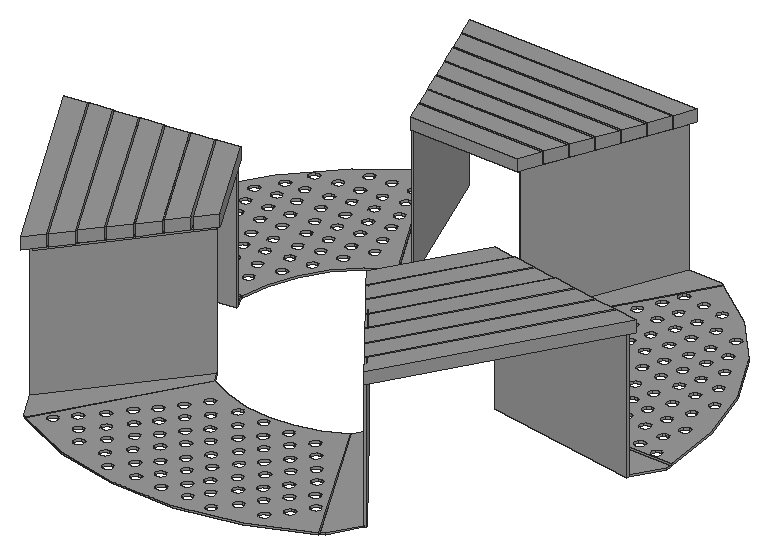
Revit family "Скамейка вокруг дерева «Эраунд 3» Арт 10537", category Антураж, Revit 2018
Family settings
  На основе рабочей плоскости = Нет
  Всегда вертикально = Да
  При загрузке вырезать с полостями = Нет
  Источник визуального образа = Геометрия семейства
  Общий = Нет
  Точка расчета площади = Нет
Parameters (values of type "Скамейка вокруг дерева «Эраунд 3»")
  Ширина = 1670 mm  # constant formula
  Цвет опоры = Сталь
  Цвет лавки = Дерево
  Описание = "Скамейка вокруг дерева «Эраунд 3»"  # constant formula
  Материал изделия = "Сталь, дерево"  # constant formula
  Изображение типоразмера = Скамейка вокруг дерева «Эраунд 3» Арт 10537.jpg
  Изготовитель = "ООО «Хоббика»"  # constant formula
  Длина = 1780 mm  # constant formula
  Группа модели = "Скамейки"  # constant formula
  Высота = 435 mm  # constant formula
  Артикул товара = "Арт. 10537"  # constant formula
  URL = "https://hobbyka.ru/product/skameyka_vokrug_dereva_eraund_3/"
Reference planes
  plane 1 "По центру (Вперед/Назад)": y = 0
  plane 2: z = 0
  plane 3 "По центру (Влево/Вправо)": x = 0
  plane 4: x = 1780
  plane 5: z = 435
  plane 6: y = 1670
Forms (mm)
  Extrusion 1, solid, material "Сталь" <- "Цвет опоры"
    sketch origin (0, 1850, 0) x (0, -1, 0) y (1, 0, 0)
      loop
        arc (208.054, 1333.96) -> (204.848, 1328.352) -> (201.682, 1322.722) r 891.421
        line (201.682, 1322.722) -> (201.682, 1225.213) -> (622.936, 1055.015) -> (622.936, 1092.784) -> (208.054, 1333.96)
      loop
        line (622.936, 687.216) -> (622.936, 724.985) -> (201.682, 554.787) -> (201.682, 457.278)
        arc (201.682, 457.278) -> (204.848, 451.648) -> (208.054, 446.04) r 891.421
        line (208.054, 446.04) -> (622.936, 687.216)
    from 0 to 5
  Extrusion 2, solid, material "Сталь" <- "Цвет опоры"
    sketch origin (0, 1850, 0) x (0, -1, 0) y (1, 0, 0)
      loop
        line (201.682, 1225.213) -> (199.809, 1220.577) -> (621.063, 1050.379) -> (622.936, 1055.015) -> (201.682, 1225.213)
      loop
        line (622.936, 724.985) -> (621.063, 729.621) -> (199.809, 559.423) -> (201.682, 554.787) -> (622.936, 724.985)
    from 0 to 400
  Extrusion 3, solid, material "Сталь" <- "Цвет опоры"
    sketch origin (0, 1850, 0) x (0, -1, 0) y (1, 0, 0)
      loop
        line (622.936, 1055.015) -> (201.682, 1225.213) -> (201.682, 554.787) -> (622.936, 724.985) -> (622.936, 1055.015)
    from 395 to 400
  Extrusion 4, solid, material "Дерево" <- "Цвет лавки"
    sketch origin (0, 1850, 0) x (0, -1, 0) y (1, 0, 0)
      loop
        line (630, 1052.161) -> (570, 1076.403) -> (570, 703.597) -> (630, 727.839) -> (630, 1052.161)
      loop
        line (180, 546.027) -> (240, 570.268) -> (240, 1209.732) -> (180, 1233.973) -> (180, 546.027)
      loop
        line (245, 1207.711) -> (245, 572.289) -> (305, 596.53) -> (305, 1183.47) -> (245, 1207.711)
      loop
        line (310, 1181.45) -> (310, 598.55) -> (370, 622.792) -> (370, 1157.208) -> (310, 1181.45)
      loop
        line (375, 1155.188) -> (375, 624.812) -> (435, 649.054) -> (435, 1130.946) -> (375, 1155.188)
      loop
        line (440, 1128.926) -> (440, 651.074) -> (500, 675.315) -> (500, 1104.685) -> (440, 1128.926)
      loop
        line (505, 1102.665) -> (505, 677.335) -> (565, 701.577) -> (565, 1078.423) -> (505, 1102.665)
    from 400 to 435
  Extrusion 5, solid, material "Сталь" <- "Цвет опоры"
    sketch origin (491.462, -390.668, 0) x (0.864539, 0.502566, 0) y (-0.502566, 0.864539, 0)
      loop
        line (220.82, 1355.401) -> (635.98, 1114.063)
        arc (635.98, 1114.063) -> (784.146, 1250.378) -> (979.253, 1300.052) r 411.353
        line (979.253, 1300.052) -> (979.253, 1780.101)
        arc (979.253, 1780.101) -> (544.762, 1666.461) -> (220.82, 1355.401) r 891.421
      loop
        circle (961.559, 1673.77) r 15
      loop
        circle (951.14, 1614.682) r 15
      loop
        circle (945.475, 1549.929) r 15
      loop
        circle (935.056, 1490.841) r 15
      loop
        circle (923.769, 1426.828) r 15
      loop
        circle (913.35, 1367.74) r 15
      loop
        circle (904.433, 1702.707) r 15
      loop
        circle (892.277, 1633.77) r 15
      loop
        circle (881.858, 1574.682) r 15
      loop
        circle (876.193, 1509.929) r 15
      loop
        circle (865.774, 1450.841) r 15
      loop
        circle (854.487, 1386.828) r 15
      loop
        circle (844.068, 1327.74) r 15
      loop
        circle (846.647, 1727.03) r 15
      loop
        circle (834.492, 1658.094) r 15
      loop
        circle (824.073, 1599.005) r 15
      loop
        circle (818.408, 1534.253) r 15
      loop
        circle (807.989, 1475.164) r 15
      loop
        circle (796.702, 1411.152) r 15
      loop
        circle (786.283, 1352.063) r 15
      loop
        circle (779.143, 1685.721) r 15
      loop
        circle (766.987, 1616.784) r 15
      loop
        circle (756.568, 1557.696) r 15
      loop
        circle (750.903, 1492.943) r 15
      loop
        circle (740.484, 1433.855) r 15
      loop
        circle (729.197, 1369.842) r 15
      loop
        circle (718.778, 1310.754) r 15
      loop
        circle (717.268, 1710.871) r 15
      loop
        circle (705.113, 1641.934) r 15
      loop
        circle (694.694, 1582.845) r 15
      loop
        circle (689.029, 1518.093) r 15
      loop
        circle (678.61, 1459.004) r 15
      loop
        circle (667.322, 1394.992) r 15
      loop
        circle (656.904, 1335.903) r 15
      loop
        circle (654.063, 1666.503) r 15
      loop
        circle (643.644, 1607.415) r 15
      loop
        circle (632.357, 1543.402) r 15
      loop
        circle (621.938, 1484.314) r 15
      loop
        circle (585.859, 1631.738) r 15
      loop
        circle (574.571, 1567.726) r 15
      loop
        circle (564.153, 1508.637) r 15
      loop
        circle (518.354, 1590.429) r 15
      loop
        circle (507.067, 1526.416) r 15
      loop
        circle (445.192, 1551.566) r 15
      loop
        circle (610.89, 1414.704) r 15
      loop
        circle (600.471, 1355.616) r 15
      loop
        circle (589.184, 1291.603) r 15
      loop
        circle (578.765, 1232.515) r 15
      loop
        circle (553.104, 1439.028) r 15
      loop
        circle (542.686, 1379.939) r 15
      loop
        circle (531.398, 1315.927) r 15
      loop
        circle (520.98, 1256.838) r 15
      loop
        circle (491.265, 1462.471) r 15
      loop
        circle (485.6, 1397.718) r 15
      loop
        circle (475.181, 1338.63) r 15
      loop
        circle (463.894, 1274.617) r 15
      loop
        circle (429.39, 1487.621) r 15
      loop
        circle (423.725, 1422.868) r 15
      loop
        circle (413.306, 1363.779) r 15
      loop
        circle (402.019, 1299.767) r 15
      loop
        circle (777.496, 1285.551) r 15
      loop
        circle (709.991, 1244.241) r 15
      loop
        circle (648.116, 1269.391) r 15
      loop
        circle (636.829, 1205.378) r 15
      loop
        circle (282.069, 1341.558) r 15
      loop
        circle (338.45, 1321.037) r 15
      loop
        circle (349.737, 1385.05) r 15
      loop
        circle (360.156, 1444.138) r 15
    from 0 to 5
  Extrusion 6, solid, material "Сталь" <- "Цвет опоры"
    sketch origin (2183.2, 1168.263, 0) x (-0.866025, 0.5, 0) y (-0.5, -0.866025, 0)
      loop
        arc (208.054, 1333.96) -> (204.848, 1328.352) -> (201.682, 1322.722) r 891.421
        line (201.682, 1322.722) -> (201.682, 1225.213) -> (622.936, 1055.015) -> (622.936, 1092.784) -> (208.054, 1333.96)
      loop
        line (622.936, 687.216) -> (622.936, 724.985) -> (201.682, 554.787) -> (201.682, 457.278)
        arc (201.682, 457.278) -> (204.848, 451.648) -> (208.054, 446.04) r 891.421
        line (208.054, 446.04) -> (622.936, 687.216)
    from 0 to 5
  Extrusion 7, solid, material "Сталь" <- "Цвет опоры"
    sketch origin (2183.2, 1168.263, 0) x (-0.866025, 0.5, 0) y (-0.5, -0.866025, 0)
      loop
        line (201.682, 1225.213) -> (199.809, 1220.577) -> (621.063, 1050.379) -> (622.936, 1055.015) -> (201.682, 1225.213)
      loop
        line (622.936, 724.985) -> (621.063, 729.621) -> (199.809, 559.423) -> (201.682, 554.787) -> (622.936, 724.985)
    from 0 to 400
  Extrusion 8, solid, material "Сталь" <- "Цвет опоры"
    sketch origin (2183.2, 1168.263, 0) x (-0.866025, 0.5, 0) y (-0.5, -0.866025, 0)
      loop
        line (622.936, 1055.015) -> (201.682, 1225.213) -> (201.682, 554.787) -> (622.936, 724.985) -> (622.936, 1055.015)
    from 395 to 400
  Extrusion 9, solid, material "Дерево" <- "Цвет лавки"
    sketch origin (2183.2, 1168.263, 0) x (-0.866025, 0.5, 0) y (-0.5, -0.866025, 0)
      loop
        line (630, 1052.161) -> (570, 1076.403) -> (570, 703.597) -> (630, 727.839) -> (630, 1052.161)
      loop
        line (180, 546.027) -> (240, 570.268) -> (240, 1209.732) -> (180, 1233.973) -> (180, 546.027)
      loop
        line (245, 1207.711) -> (245, 572.289) -> (305, 596.53) -> (305, 1183.47) -> (245, 1207.711)
      loop
        line (310, 1181.45) -> (310, 598.55) -> (370, 622.792) -> (370, 1157.208) -> (310, 1181.45)
      loop
        line (375, 1155.188) -> (375, 624.812) -> (435, 649.054) -> (435, 1130.946) -> (375, 1155.188)
      loop
        line (440, 1128.926) -> (440, 651.074) -> (500, 675.315) -> (500, 1104.685) -> (440, 1128.926)
      loop
        line (505, 1102.665) -> (505, 677.335) -> (565, 701.577) -> (565, 1078.423) -> (505, 1102.665)
    from 400 to 435
  Extrusion 10, solid, material "Сталь" <- "Цвет опоры"
    sketch origin (486.773, -373.263, 0) x (0.866025, 0.5, 0) y (-0.5, 0.866025, 0)
      loop
        arc (208.054, 1333.96) -> (204.848, 1328.352) -> (201.682, 1322.722) r 891.421
        line (201.682, 1322.722) -> (201.682, 1225.213) -> (622.936, 1055.015) -> (622.936, 1092.784) -> (208.054, 1333.96)
      loop
        line (622.936, 687.216) -> (622.936, 724.985) -> (201.682, 554.787) -> (201.682, 457.278)
        arc (201.682, 457.278) -> (204.848, 451.648) -> (208.054, 446.04) r 891.421
        line (208.054, 446.04) -> (622.936, 687.216)
    from 0 to 5
  Extrusion 11, solid, material "Сталь" <- "Цвет опоры"
    sketch origin (486.773, -373.263, 0) x (0.866025, 0.5, 0) y (-0.5, 0.866025, 0)
      loop
        line (201.682, 1225.213) -> (199.809, 1220.577) -> (621.063, 1050.379) -> (622.936, 1055.015) -> (201.682, 1225.213)
      loop
        line (622.936, 724.985) -> (621.063, 729.621) -> (199.809, 559.423) -> (201.682, 554.787) -> (622.936, 724.985)
    from 0 to 400
  Extrusion 12, solid, material "Сталь" <- "Цвет опоры"
    sketch origin (486.773, -373.263, 0) x (0.866025, 0.5, 0) y (-0.5, 0.866025, 0)
      loop
        line (622.936, 1055.015) -> (201.682, 1225.213) -> (201.682, 554.787) -> (622.936, 724.985) -> (622.936, 1055.015)
    from 395 to 400
  Extrusion 13, solid, material "Дерево" <- "Цвет лавки"
    sketch origin (486.773, -373.263, 0) x (0.866025, 0.5, 0) y (-0.5, 0.866025, 0)
      loop
        line (630, 1052.161) -> (570, 1076.403) -> (570, 703.597) -> (630, 727.839) -> (630, 1052.161)
      loop
        line (180, 546.027) -> (240, 570.268) -> (240, 1209.732) -> (180, 1233.973) -> (180, 546.027)
      loop
        line (245, 1207.711) -> (245, 572.289) -> (305, 596.53) -> (305, 1183.47) -> (245, 1207.711)
      loop
        line (310, 1181.45) -> (310, 598.55) -> (370, 622.792) -> (370, 1157.208) -> (310, 1181.45)
      loop
        line (375, 1155.188) -> (375, 624.812) -> (435, 649.054) -> (435, 1130.946) -> (375, 1155.188)
      loop
        line (440, 1128.926) -> (440, 651.074) -> (500, 675.315) -> (500, 1104.685) -> (440, 1128.926)
      loop
        line (505, 1102.665) -> (505, 677.335) -> (565, 701.577) -> (565, 1078.423) -> (505, 1102.665)
    from 400 to 435
  Extrusion 14, solid, material "Сталь" <- "Цвет опоры"
    sketch origin (1288.538, -390.668, 0) x (-0.864539, 0.502566, 0) y (-0.502566, -0.864539, 0)
      loop
        arc (220.82, -1355.401) -> (544.762, -1666.461) -> (979.253, -1780.101) r 891.421
        line (979.253, -1780.101) -> (979.253, -1300.052)
        arc (979.253, -1300.052) -> (784.146, -1250.378) -> (635.98, -1114.063) r 411.353
        line (635.98, -1114.063) -> (220.82, -1355.401)
      loop
        circle (961.559, -1673.77) r 15
      loop
        circle (951.14, -1614.682) r 15
      loop
        circle (945.475, -1549.929) r 15
      loop
        circle (935.056, -1490.841) r 15
      loop
        circle (923.769, -1426.828) r 15
      loop
        circle (913.35, -1367.74) r 15
      loop
        circle (904.433, -1702.707) r 15
      loop
        circle (892.277, -1633.77) r 15
      loop
        circle (881.858, -1574.682) r 15
      loop
        circle (876.193, -1509.929) r 15
      loop
        circle (865.774, -1450.841) r 15
      loop
        circle (854.487, -1386.828) r 15
      loop
        circle (844.068, -1327.74) r 15
      loop
        circle (846.647, -1727.03) r 15
      loop
        circle (834.492, -1658.094) r 15
      loop
        circle (824.073, -1599.005) r 15
      loop
        circle (818.408, -1534.253) r 15
      loop
        circle (807.989, -1475.164) r 15
      loop
        circle (796.702, -1411.152) r 15
      loop
        circle (786.283, -1352.063) r 15
      loop
        circle (779.143, -1685.721) r 15
      loop
        circle (766.987, -1616.784) r 15
      loop
        circle (756.568, -1557.696) r 15
      loop
        circle (750.903, -1492.943) r 15
      loop
        circle (740.484, -1433.855) r 15
      loop
        circle (729.197, -1369.842) r 15
      loop
        circle (718.778, -1310.754) r 15
      loop
        circle (717.268, -1710.871) r 15
      loop
        circle (705.113, -1641.934) r 15
      loop
        circle (694.694, -1582.845) r 15
      loop
        circle (689.029, -1518.093) r 15
      loop
        circle (678.61, -1459.004) r 15
      loop
        circle (667.322, -1394.992) r 15
      loop
        circle (656.904, -1335.903) r 15
      loop
        circle (654.063, -1666.503) r 15
      loop
        circle (643.644, -1607.415) r 15
      loop
        circle (632.357, -1543.402) r 15
      loop
        circle (621.938, -1484.314) r 15
      loop
        circle (585.859, -1631.738) r 15
      loop
        circle (574.571, -1567.726) r 15
      loop
        circle (564.153, -1508.637) r 15
      loop
        circle (518.354, -1590.429) r 15
      loop
        circle (507.067, -1526.416) r 15
      loop
        circle (445.192, -1551.566) r 15
      loop
        circle (610.89, -1414.704) r 15
      loop
        circle (600.471, -1355.616) r 15
      loop
        circle (589.184, -1291.603) r 15
      loop
        circle (578.765, -1232.515) r 15
      loop
        circle (553.104, -1439.028) r 15
      loop
        circle (542.686, -1379.939) r 15
      loop
        circle (531.398, -1315.927) r 15
      loop
        circle (520.98, -1256.838) r 15
      loop
        circle (491.265, -1462.471) r 15
      loop
        circle (485.6, -1397.718) r 15
      loop
        circle (475.181, -1338.63) r 15
      loop
        circle (463.894, -1274.617) r 15
      loop
        circle (429.39, -1487.621) r 15
      loop
        circle (423.725, -1422.868) r 15
      loop
        circle (413.306, -1363.779) r 15
      loop
        circle (402.019, -1299.767) r 15
      loop
        circle (777.496, -1285.551) r 15
      loop
        circle (709.991, -1244.241) r 15
      loop
        circle (648.116, -1269.391) r 15
      loop
        circle (636.829, -1205.378) r 15
      loop
        circle (282.069, -1341.558) r 15
      loop
        circle (338.45, -1321.037) r 15
      loop
        circle (349.737, -1385.05) r 15
      loop
        circle (360.156, -1444.138) r 15
    from 0 to 5
  Extrusion 15, solid, material "Сталь" <- "Цвет опоры"
    sketch origin (-413.228, 1172.797, 0) x (0.866784, 0.498684, 0) y (-0.498684, 0.866784, 0)
      loop
        circle (961.559, -1673.77) r 15
      loop
        circle (951.14, -1614.682) r 15
      loop
        circle (945.475, -1549.929) r 15
      loop
        circle (935.056, -1490.841) r 15
      loop
        circle (923.769, -1426.828) r 15
      loop
        circle (913.35, -1367.74) r 15
      loop
        circle (904.433, -1702.707) r 15
      loop
        circle (892.277, -1633.77) r 15
      loop
        circle (881.858, -1574.682) r 15
      loop
        circle (876.193, -1509.929) r 15
      loop
        circle (865.774, -1450.841) r 15
      loop
        circle (854.487, -1386.828) r 15
      loop
        circle (844.068, -1327.74) r 15
      loop
        circle (846.647, -1727.03) r 15
      loop
        circle (834.492, -1658.094) r 15
      loop
        circle (824.073, -1599.005) r 15
      loop
        circle (818.408, -1534.253) r 15
      loop
        circle (807.989, -1475.164) r 15
      loop
        circle (796.702, -1411.152) r 15
      loop
        circle (786.283, -1352.063) r 15
      loop
        circle (779.143, -1685.721) r 15
      loop
        circle (766.987, -1616.784) r 15
      loop
        circle (756.568, -1557.696) r 15
      loop
        circle (750.903, -1492.943) r 15
      loop
        circle (740.484, -1433.855) r 15
      loop
        circle (729.197, -1369.842) r 15
      loop
        circle (718.778, -1310.754) r 15
      loop
        circle (717.268, -1710.871) r 15
      loop
        circle (705.113, -1641.934) r 15
      loop
        circle (694.694, -1582.845) r 15
      loop
        circle (689.029, -1518.093) r 15
      loop
        circle (678.61, -1459.004) r 15
      loop
        circle (667.322, -1394.992) r 15
      loop
        circle (656.904, -1335.903) r 15
      loop
        circle (654.063, -1666.503) r 15
      loop
        circle (643.644, -1607.415) r 15
      loop
        circle (632.357, -1543.402) r 15
      loop
        circle (621.938, -1484.314) r 15
      loop
        circle (585.859, -1631.738) r 15
      loop
        circle (574.571, -1567.726) r 15
      loop
        circle (564.153, -1508.637) r 15
      loop
        circle (518.354, -1590.429) r 15
      loop
        circle (507.067, -1526.416) r 15
      loop
        circle (445.192, -1551.566) r 15
      loop
        circle (610.89, -1414.704) r 15
      loop
        circle (600.471, -1355.616) r 15
      loop
        circle (589.184, -1291.603) r 15
      loop
        circle (578.765, -1232.515) r 15
      loop
        circle (553.104, -1439.028) r 15
      loop
        circle (542.686, -1379.939) r 15
      loop
        circle (531.398, -1315.927) r 15
      loop
        circle (520.98, -1256.838) r 15
      loop
        circle (491.265, -1462.471) r 15
      loop
        circle (485.6, -1397.718) r 15
      loop
        circle (475.181, -1338.63) r 15
      loop
        circle (463.894, -1274.617) r 15
      loop
        circle (429.39, -1487.621) r 15
      loop
        circle (423.725, -1422.868) r 15
      loop
        circle (413.306, -1363.779) r 15
      loop
        circle (402.019, -1299.767) r 15
      loop
        circle (777.496, -1285.551) r 15
      loop
        circle (709.991, -1244.241) r 15
      loop
        circle (648.116, -1269.391) r 15
      loop
        circle (636.829, -1205.378) r 15
      loop
        circle (282.069, -1341.558) r 15
      loop
        circle (338.45, -1321.037) r 15
      loop
        circle (349.737, -1385.05) r 15
      loop
        circle (360.156, -1444.138) r 15
      loop
        arc (218.002, -1345.15) -> (543.068, -1669.997) -> (986.749, -1789.75) r 891.4
        line (986.749, -1789.75) -> (987.446, -1307.609)
        arc (987.446, -1307.609) -> (781.834, -1254.37) -> (632.461, -1103.377) r 400
        line (632.461, -1103.377) -> (218.002, -1345.15)
    from 0 to 5
Cuts and joins
  joined: Extrusion 1, Extrusion 2
Dimensions and locks
  "Высота": plane 5 to level
  "Длина": plane 3 "По центру (Влево/Вправо)" to plane 4
  "Ширина": plane 1 "По центру (Вперед/Назад)" to plane 6
  aligned and locked: level to plane 2
Automatic sketch dimensions
  Extrusion 1 sketch curve to plane 6 = 21.682 mm  (x2)
  Extrusion 1 sketch curve to Extrusion 1 sketch curve = 6.372 mm  (x2)
  Extrusion 1 sketch curve to Extrusion 1 sketch curve = 421.254 mm
  Extrusion 1 sketch curve to Extrusion 1 sketch curve = 0 mm  (x2)
  Extrusion 1 sketch curve to Extrusion 1 sketch curve = 357.36 mm
  plane 3 "По центру (Влево/Вправо)" to Extrusion 1 sketch curve = 446.04 mm
  Extrusion 1 sketch curve to Extrusion 1 sketch curve = 11.238 mm
  Extrusion 1 sketch curve to Extrusion 1 sketch curve = 97.509 mm  (x2)
  Extrusion 1 sketch curve to Extrusion 1 sketch curve = 204.104 mm
  Extrusion 1 sketch curve to Extrusion 1 sketch curve = 37.769 mm  (x2)
  Extrusion 1 sketch curve to Extrusion 1 sketch curve = 2.638 mm
  Extrusion 1 sketch curve to Extrusion 1 sketch curve = 330.03 mm
  Extrusion 1 sketch curve to Extrusion 1 sketch curve = 132.428 mm
  Extrusion 2 sketch curve to plane 6 = 19.809 mm  (x2)
  Extrusion 2 sketch curve to Extrusion 2 sketch curve = 1.873 mm  (x2)
  Extrusion 2 sketch curve to plane 6 = 441.063 mm
  Extrusion 2 sketch curve to Extrusion 2 sketch curve = 0 mm
  plane 3 "По центру (Влево/Вправо)" to Extrusion 2 sketch curve = 554.787 mm
  Extrusion 2 sketch curve to Extrusion 2 sketch curve = 4.636 mm  (x2)
  Extrusion 2 sketch curve to Extrusion 2 sketch curve = 320.759 mm
  Extrusion 3 sketch curve to plane 6 = 21.682 mm
  Extrusion 3 sketch curve to plane 6 = 442.936 mm
  plane 3 "По центру (Влево/Вправо)" to Extrusion 3 sketch curve = 554.787 mm
  Extrusion 3 sketch curve to Extrusion 3 sketch curve = 170.198 mm  (x2)
  Extrusion 3 sketch curve to Extrusion 3 sketch curve = 330.03 mm
  Extrusion 4 sketch curve to plane 6 = 0 mm
  Extrusion 4 sketch curve to plane 6 = 60 mm
  Extrusion 4 sketch curve to Extrusion 4 sketch curve = 5 mm  (x6)
  Extrusion 4 sketch curve to Extrusion 4 sketch curve = 60 mm  (x6)
  plane 3 "По центру (Влево/Вправо)" to Extrusion 4 sketch curve = 546.027 mm
  Extrusion 4 sketch curve to Extrusion 4 sketch curve = 24.242 mm  (x14)
  Extrusion 4 sketch curve to Extrusion 4 sketch curve = 2.02 mm  (x12)
  Extrusion 4 sketch curve to Extrusion 4 sketch curve = 324.323 mm
  plane 3 "По центру (Влево/Вправо)" to Extrusion 5 sketch curve = 1.191 mm
  Extrusion 5 sketch curve to plane 6 = 777.895 mm
  Extrusion 5 sketch curve to Extrusion 5 sketch curve = 61.249 mm
  Extrusion 5 sketch curve to Extrusion 5 sketch curve = 56.382 mm
  Extrusion 5 sketch curve to Extrusion 5 sketch curve = 11.287 mm  (x6)
  Extrusion 5 sketch curve to Extrusion 5 sketch curve = 10.419 mm  (x23)
  Extrusion 5 sketch curve to Extrusion 5 sketch curve = 63.569 mm
  Extrusion 5 sketch curve to Extrusion 5 sketch curve = 5.665 mm  (x3)
  Extrusion 5 sketch curve to Extrusion 5 sketch curve = 15.802 mm  (x2)
  Extrusion 5 sketch curve to Extrusion 5 sketch curve = 61.875 mm  (x4)
  Extrusion 5 sketch curve to Extrusion 5 sketch curve = 57.086 mm  (x6)
  Extrusion 5 sketch curve to Extrusion 5 sketch curve = 57.785 mm  (x8)
  Extrusion 5 sketch curve to Extrusion 5 sketch curve = 57.216 mm
  Extrusion 5 sketch curve to Extrusion 5 sketch curve = 58.065 mm
  Extrusion 5 sketch curve to Extrusion 5 sketch curve = 58.933 mm
  Extrusion 5 sketch curve to Extrusion 5 sketch curve = 56.433 mm  (x2)
  Extrusion 5 sketch curve to Extrusion 5 sketch curve = 56.672 mm
  Extrusion 5 sketch curve to Extrusion 5 sketch curve = 51.05 mm  (x2)
  Extrusion 5 sketch curve to Extrusion 5 sketch curve = 12.155 mm  (x2)
  Extrusion 5 sketch curve to Extrusion 5 sketch curve = 58.717 mm
  Extrusion 5 sketch curve to Extrusion 5 sketch curve = 58.863 mm  (x3)
  Extrusion 5 sketch curve to Extrusion 5 sketch curve = 74.821 mm
  Extrusion 5 sketch curve to Extrusion 5 sketch curve = 0.853 mm
  Extrusion 5 sketch curve to Extrusion 5 sketch curve = 0.19 mm
  Extrusion 5 sketch curve to Extrusion 5 sketch curve = 3.337 mm
  Extrusion 5 sketch curve to Extrusion 5 sketch curve = 13.842 mm
  Extrusion 5 sketch curve to Extrusion 5 sketch curve = 2.928 mm
  Extrusion 5 sketch curve to Extrusion 5 sketch curve = 16.16 mm
  Extrusion 5 sketch curve to Extrusion 5 sketch curve = 24.323 mm  (x8)
  Extrusion 5 sketch curve to Extrusion 5 sketch curve = 20.521 mm
  Extrusion 5 sketch curve to Extrusion 5 sketch curve = 22.703 mm  (x3)
  Extrusion 5 sketch curve to Extrusion 5 sketch curve = 25.15 mm  (x3)
  Extrusion 5 sketch curve to Extrusion 5 sketch curve = 27.688 mm
  Extrusion 5 sketch curve to Extrusion 5 sketch curve = 21.27 mm
  Extrusion 5 sketch curve to Extrusion 5 sketch curve = 25.203 mm
  Extrusion 5 sketch curve to Extrusion 5 sketch curve = 64.013 mm  (x5)
  Extrusion 5 sketch curve to Extrusion 5 sketch curve = 22.213 mm
  Extrusion 5 sketch curve to Extrusion 5 sketch curve = 17.779 mm  (x6)
  Extrusion 5 sketch curve to Extrusion 5 sketch curve = 59.088 mm  (x18)
  Extrusion 5 sketch curve to Extrusion 5 sketch curve = 27.137 mm
  Extrusion 5 sketch curve to Extrusion 5 sketch curve = 91.315 mm
  Extrusion 5 sketch curve to Extrusion 5 sketch curve = 0.019 mm
  Extrusion 5 sketch curve to Extrusion 5 sketch curve = 19.713 mm  (x2)
  Extrusion 5 sketch curve to Extrusion 5 sketch curve = 40 mm
  Extrusion 5 sketch curve to Extrusion 5 sketch curve = 24.013 mm
  Extrusion 5 sketch curve to Extrusion 5 sketch curve = 64.753 mm  (x6)
  Extrusion 5 sketch curve to Extrusion 5 sketch curve = 25.31 mm
  Extrusion 5 sketch curve to Extrusion 5 sketch curve = 63.945 mm
  Extrusion 5 sketch curve to Extrusion 5 sketch curve = 24.569 mm  (x2)
  Extrusion 5 sketch curve to Extrusion 5 sketch curve = 27.627 mm
  Extrusion 5 sketch curve to Extrusion 5 sketch curve = 28.937 mm
  Extrusion 6 sketch curve to plane 4 = 0 mm
  Extrusion 6 sketch curve to plane 1 "По центру (Вперед/Назад)" = 208.038 mm
  Extrusion 6 sketch curve to plane 4 = 384.068 mm
  Extrusion 6 sketch curve to Extrusion 6 sketch curve = 0 mm  (x3)
  Extrusion 6 sketch curve to Extrusion 6 sketch curve = 6.372 mm  (x2)
  Extrusion 6 sketch curve to Extrusion 6 sketch curve = 421.254 mm
  Extrusion 6 sketch curve to Extrusion 6 sketch curve = 357.36 mm
  Extrusion 6 sketch curve to Extrusion 6 sketch curve = 11.238 mm
  Extrusion 6 sketch curve to Extrusion 6 sketch curve = 97.509 mm  (x2)
  Extrusion 6 sketch curve to Extrusion 6 sketch curve = 204.104 mm
  Extrusion 6 sketch curve to Extrusion 6 sketch curve = 37.769 mm  (x2)
  Extrusion 6 sketch curve to Extrusion 6 sketch curve = 2.638 mm
  Extrusion 6 sketch curve to Extrusion 6 sketch curve = 330.03 mm
  Extrusion 7 sketch curve to plane 4 = 49.551 mm
  Extrusion 7 sketch curve to plane 1 "По центру (Вперед/Назад)" = 783.693 mm
  Extrusion 7 sketch curve to Extrusion 7 sketch curve = 0 mm  (x2)
  Extrusion 7 sketch curve to Extrusion 7 sketch curve = 1.873 mm  (x2)
  Extrusion 7 sketch curve to Extrusion 7 sketch curve = 421.254 mm
  Extrusion 7 sketch curve to Extrusion 7 sketch curve = 4.636 mm  (x2)
  Extrusion 7 sketch curve to Extrusion 7 sketch curve = 320.759 mm
  Extrusion 8 sketch curve to plane 1 "По центру (Вперед/Назад)" = 208.038 mm
  Extrusion 8 sketch curve to plane 4 = 384.068 mm
  Extrusion 8 sketch curve to Extrusion 8 sketch curve = 421.254 mm
  Extrusion 8 sketch curve to Extrusion 8 sketch curve = 170.198 mm  (x2)
  Extrusion 8 sketch curve to Extrusion 8 sketch curve = 330.03 mm
  Extrusion 9 sketch curve to plane 1 "По центру (Вперед/Назад)" = 189.611 mm
  Extrusion 9 sketch curve to plane 4 = 369.671 mm
  Extrusion 9 sketch curve to Extrusion 9 sketch curve = 60 mm  (x7)
  Extrusion 9 sketch curve to Extrusion 9 sketch curve = 5 mm  (x6)
  Extrusion 9 sketch curve to Extrusion 9 sketch curve = 24.242 mm  (x14)
  Extrusion 9 sketch curve to Extrusion 9 sketch curve = 2.02 mm  (x12)
  Extrusion 9 sketch curve to Extrusion 9 sketch curve = 324.323 mm
  plane 3 "По центру (Влево/Вправо)" to Extrusion 10 sketch curve = 48.828 mm
  Extrusion 10 sketch curve to plane 1 "По центру (Вперед/Назад)" = 788.644 mm
  Extrusion 10 sketch curve to Extrusion 10 sketch curve = 0 mm  (x3)
  Extrusion 10 sketch curve to Extrusion 10 sketch curve = 6.372 mm  (x2)
  Extrusion 10 sketch curve to Extrusion 10 sketch curve = 421.254 mm
  Extrusion 10 sketch curve to Extrusion 10 sketch curve = 357.36 mm
  Extrusion 10 sketch curve to Extrusion 10 sketch curve = 132.428 mm  (x2)
  Extrusion 10 sketch curve to Extrusion 10 sketch curve = 37.769 mm  (x2)
  Extrusion 10 sketch curve to Extrusion 10 sketch curve = 163.696 mm
  Extrusion 10 sketch curve to Extrusion 10 sketch curve = 2.638 mm
  Extrusion 10 sketch curve to Extrusion 10 sketch curve = 330.03 mm
  Extrusion 10 sketch curve to Extrusion 10 sketch curve = 97.509 mm  (x2)
  Extrusion 11 sketch curve to plane 1 "По центру (Вперед/Назад)" = 211.117 mm
  plane 3 "По центру (Влево/Вправо)" to Extrusion 11 sketch curve = 380.101 mm
  Extrusion 11 sketch curve to Extrusion 11 sketch curve = 0 mm  (x2)
  Extrusion 11 sketch curve to Extrusion 11 sketch curve = 1.873 mm  (x2)
  Extrusion 11 sketch curve to Extrusion 11 sketch curve = 421.254 mm
  Extrusion 11 sketch curve to Extrusion 11 sketch curve = 4.636 mm  (x2)
  Extrusion 11 sketch curve to Extrusion 11 sketch curve = 320.759 mm
  plane 3 "По центру (Влево/Вправо)" to Extrusion 12 sketch curve = 48.828 mm
  Extrusion 12 sketch curve to plane 1 "По центру (Вперед/Назад)" = 788.644 mm
  Extrusion 12 sketch curve to Extrusion 12 sketch curve = 421.254 mm
  Extrusion 12 sketch curve to Extrusion 12 sketch curve = 170.198 mm  (x2)
  Extrusion 12 sketch curve to Extrusion 12 sketch curve = 330.03 mm
  plane 3 "По центру (Влево/Вправо)" to Extrusion 13 sketch curve = 25.671 mm
  Extrusion 13 sketch curve to plane 1 "По центру (Вперед/Назад)" = 785.389 mm
  Extrusion 13 sketch curve to Extrusion 13 sketch curve = 60 mm  (x7)
  Extrusion 13 sketch curve to Extrusion 13 sketch curve = 5 mm  (x6)
  Extrusion 13 sketch curve to Extrusion 13 sketch curve = 24.242 mm  (x14)
  Extrusion 13 sketch curve to Extrusion 13 sketch curve = 2.02 mm  (x12)
  Extrusion 13 sketch curve to Extrusion 13 sketch curve = 324.323 mm
  plane 4 to Extrusion 14 sketch curve = 1.191 mm
  plane 6 to Extrusion 14 sketch curve = 777.895 mm
  Extrusion 14 sketch curve to Extrusion 14 sketch curve = 61.249 mm
  Extrusion 14 sketch curve to Extrusion 14 sketch curve = 56.382 mm
  Extrusion 14 sketch curve to Extrusion 14 sketch curve = 11.287 mm  (x6)
  Extrusion 14 sketch curve to Extrusion 14 sketch curve = 10.419 mm  (x23)
  Extrusion 14 sketch curve to Extrusion 14 sketch curve = 63.569 mm
  Extrusion 14 sketch curve to Extrusion 14 sketch curve = 5.665 mm  (x3)
  Extrusion 14 sketch curve to Extrusion 14 sketch curve = 15.802 mm  (x2)
  Extrusion 14 sketch curve to Extrusion 14 sketch curve = 61.875 mm  (x4)
  Extrusion 14 sketch curve to Extrusion 14 sketch curve = 57.086 mm  (x6)
  Extrusion 14 sketch curve to Extrusion 14 sketch curve = 57.785 mm  (x8)
  Extrusion 14 sketch curve to Extrusion 14 sketch curve = 57.216 mm
  Extrusion 14 sketch curve to Extrusion 14 sketch curve = 58.065 mm
  Extrusion 14 sketch curve to Extrusion 14 sketch curve = 58.933 mm
  Extrusion 14 sketch curve to Extrusion 14 sketch curve = 56.433 mm  (x2)
  Extrusion 14 sketch curve to Extrusion 14 sketch curve = 56.672 mm
  Extrusion 14 sketch curve to Extrusion 14 sketch curve = 51.05 mm  (x2)
  Extrusion 14 sketch curve to Extrusion 14 sketch curve = 12.155 mm  (x2)
  Extrusion 14 sketch curve to Extrusion 14 sketch curve = 58.717 mm
  Extrusion 14 sketch curve to Extrusion 14 sketch curve = 58.863 mm  (x3)
  Extrusion 14 sketch curve to Extrusion 14 sketch curve = 74.821 mm
  Extrusion 14 sketch curve to Extrusion 14 sketch curve = 0.853 mm
  Extrusion 14 sketch curve to Extrusion 14 sketch curve = 0.19 mm
  Extrusion 14 sketch curve to Extrusion 14 sketch curve = 3.337 mm
  Extrusion 14 sketch curve to Extrusion 14 sketch curve = 13.842 mm
  Extrusion 14 sketch curve to Extrusion 14 sketch curve = 2.928 mm
  Extrusion 14 sketch curve to Extrusion 14 sketch curve = 16.16 mm
  Extrusion 14 sketch curve to Extrusion 14 sketch curve = 24.323 mm  (x8)
  Extrusion 14 sketch curve to Extrusion 14 sketch curve = 20.521 mm
  Extrusion 14 sketch curve to Extrusion 14 sketch curve = 22.703 mm  (x3)
  Extrusion 14 sketch curve to Extrusion 14 sketch curve = 25.15 mm  (x3)
  Extrusion 14 sketch curve to Extrusion 14 sketch curve = 27.688 mm
  Extrusion 14 sketch curve to Extrusion 14 sketch curve = 21.27 mm
  Extrusion 14 sketch curve to Extrusion 14 sketch curve = 25.203 mm
  Extrusion 14 sketch curve to Extrusion 14 sketch curve = 64.013 mm  (x5)
  Extrusion 14 sketch curve to Extrusion 14 sketch curve = 22.213 mm
  Extrusion 14 sketch curve to Extrusion 14 sketch curve = 17.779 mm  (x6)
  Extrusion 14 sketch curve to Extrusion 14 sketch curve = 59.088 mm  (x18)
  Extrusion 14 sketch curve to Extrusion 14 sketch curve = 27.137 mm
  Extrusion 14 sketch curve to Extrusion 14 sketch curve = 91.315 mm
  Extrusion 14 sketch curve to Extrusion 14 sketch curve = 0.019 mm
  Extrusion 14 sketch curve to Extrusion 14 sketch curve = 19.713 mm  (x2)
  Extrusion 14 sketch curve to Extrusion 14 sketch curve = 40 mm
  Extrusion 14 sketch curve to Extrusion 14 sketch curve = 24.013 mm
  Extrusion 14 sketch curve to Extrusion 14 sketch curve = 64.753 mm  (x6)
  Extrusion 14 sketch curve to Extrusion 14 sketch curve = 25.31 mm
  Extrusion 14 sketch curve to Extrusion 14 sketch curve = 63.945 mm
  Extrusion 14 sketch curve to Extrusion 14 sketch curve = 24.569 mm  (x2)
  Extrusion 14 sketch curve to Extrusion 14 sketch curve = 27.627 mm
  Extrusion 14 sketch curve to Extrusion 14 sketch curve = 28.937 mm
  Extrusion 15 sketch curve to plane 1 "По центру (Вперед/Назад)" = 150.619 mm
  plane 3 "По центру (Влево/Вправо)" to Extrusion 15 sketch curve = 500.278 mm
  Extrusion 15 sketch curve to Extrusion 15 sketch curve = 56.382 mm
  Extrusion 15 sketch curve to Extrusion 15 sketch curve = 11.287 mm  (x6)
  Extrusion 15 sketch curve to Extrusion 15 sketch curve = 10.419 mm  (x23)
  Extrusion 15 sketch curve to Extrusion 15 sketch curve = 63.569 mm
  Extrusion 15 sketch curve to Extrusion 15 sketch curve = 5.665 mm  (x3)
  Extrusion 15 sketch curve to Extrusion 15 sketch curve = 15.802 mm  (x2)
  Extrusion 15 sketch curve to Extrusion 15 sketch curve = 61.875 mm  (x4)
  Extrusion 15 sketch curve to Extrusion 15 sketch curve = 57.086 mm  (x6)
  Extrusion 15 sketch curve to Extrusion 15 sketch curve = 57.785 mm  (x8)
  Extrusion 15 sketch curve to Extrusion 15 sketch curve = 53.697 mm
  Extrusion 15 sketch curve to Extrusion 15 sketch curve = 58.065 mm
  Extrusion 15 sketch curve to Extrusion 15 sketch curve = 58.933 mm
  Extrusion 15 sketch curve to Extrusion 15 sketch curve = 56.433 mm  (x2)
  Extrusion 15 sketch curve to Extrusion 15 sketch curve = 56.672 mm
  Extrusion 15 sketch curve to Extrusion 15 sketch curve = 51.05 mm  (x2)
  Extrusion 15 sketch curve to Extrusion 15 sketch curve = 12.155 mm  (x2)
  Extrusion 15 sketch curve to Extrusion 15 sketch curve = 58.717 mm
  Extrusion 15 sketch curve to Extrusion 15 sketch curve = 58.863 mm  (x3)
  Extrusion 15 sketch curve to Extrusion 15 sketch curve = 8.035 mm
  Extrusion 15 sketch curve to Extrusion 15 sketch curve = 25.189 mm
  Extrusion 15 sketch curve to Extrusion 15 sketch curve = 74.096 mm
  Extrusion 15 sketch curve to Extrusion 15 sketch curve = 10.505 mm
  Extrusion 15 sketch curve to Extrusion 15 sketch curve = 3.553 mm
  Extrusion 15 sketch curve to Extrusion 15 sketch curve = 22.221 mm
  Extrusion 15 sketch curve to Extrusion 15 sketch curve = 15.677 mm
  Extrusion 15 sketch curve to Extrusion 15 sketch curve = 17.779 mm  (x6)
  Extrusion 15 sketch curve to Extrusion 15 sketch curve = 24.323 mm  (x7)
  Extrusion 15 sketch curve to Extrusion 15 sketch curve = 21.27 mm
  Extrusion 15 sketch curve to Extrusion 15 sketch curve = 19.088 mm
  Extrusion 15 sketch curve to Extrusion 15 sketch curve = 25.15 mm  (x3)
  Extrusion 15 sketch curve to Extrusion 15 sketch curve = 59.088 mm  (x19)
  Extrusion 15 sketch curve to Extrusion 15 sketch curve = 19.713 mm  (x2)
  Extrusion 15 sketch curve to Extrusion 15 sketch curve = 22.703 mm  (x3)
  Extrusion 15 sketch curve to Extrusion 15 sketch curve = 24.013 mm
  Extrusion 15 sketch curve to Extrusion 15 sketch curve = 64.013 mm  (x4)
  Extrusion 15 sketch curve to Extrusion 15 sketch curve = 64.753 mm  (x6)
  Extrusion 15 sketch curve to Extrusion 15 sketch curve = 25.31 mm
  Extrusion 15 sketch curve to Extrusion 15 sketch curve = 63.945 mm
  Extrusion 15 sketch curve to Extrusion 15 sketch curve = 24.569 mm  (x2)
  Extrusion 15 sketch curve to Extrusion 15 sketch curve = 27.627 mm
  Extrusion 15 sketch curve to Extrusion 15 sketch curve = 28.937 mm
  Extrusion 15 sketch curve to Extrusion 15 sketch curve = 115.979 mm
  Extrusion 15 sketch curve to Extrusion 15 sketch curve = 20.521 mm
  Extrusion 15 sketch curve to Extrusion 15 sketch curve = 60.131 mm
  Extrusion 15 sketch curve to Extrusion 15 sketch curve = 25.203 mm
  Extrusion 15 sketch curve to Extrusion 15 sketch curve = 22.213 mm
  Extrusion 15 sketch curve to Extrusion 15 sketch curve = 27.137 mm
  Extrusion 15 sketch curve to Extrusion 15 sketch curve = 102.001 mm
  Extrusion 15 sketch curve to Extrusion 15 sketch curve = 9.303 mm
  Extrusion 15 sketch curve to Extrusion 15 sketch curve = 64.067 mm
  Extrusion 15 sketch curve to Extrusion 15 sketch curve = 348.846 mm
  radius of Extrusion 5 sketch curve = 15 mm  (x68)
  radius of Extrusion 14 sketch curve = 15 mm  (x68)
  radius of Extrusion 15 sketch curve = 15 mm  (x68)
